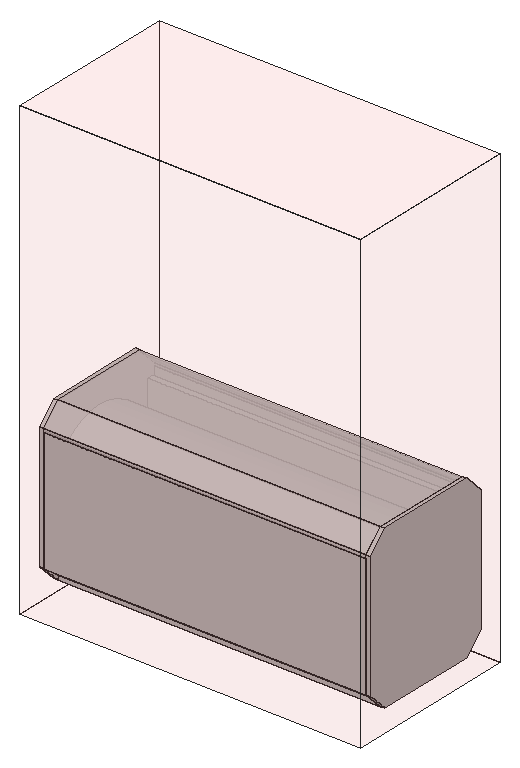
Revit family "Air-Curtain_Vestibule-Except_PoweredAire_ETA", category Mechanical Equipment, host Face, Revit 2018
Family settings
  Host = Face
  Round Connector Dimension = Use Diameter
  Part Type = Normal
  OmniClass Number = 23.75.35.17.21
  OmniClass Title = Air Curtains
  Cut with Voids When Loaded = No
  Shared = No
  Room Calculation Point = No
Parameters
  Warranty Duration (Years) = 0
  Unit Width Notes = "Other Widths available."  # constant formula
  Unit Width = 3' - 0"
  Unit Weight = 0
  Unit Height = 1' - 3"
  Unit Depth = 1' - 5 1/2"
  URL = "http://www.poweredaire.com/"
  Test Data = ""
  Standards Conformance = "as Specified"
  Specification = "http://www.arcat.com/sdspecs/htm04/23_34_33pai.htm"
  SpecWizard = ""
  Sound Pressure = "as Specified"
  Sales Information = "http://www.poweredaire.com/contact_us"
  Revision = "R1_2016-08"
  Projection from Host [instance] = 0' - 2"
  Product Properties = ""
  Product Data = "http://www.arcat.com/arcatcos/cos47/arc47623.html"
  Power Rating = 0 W
  Nozzle Width = if(1 = 1, Unit Width - 0' 1", 0' 0")  # 2' - 11"
  Mounting Width = if(1 = 1, Unit Width - 0' 0 15/16", 0' 0")  # 2' - 11 1/16"
  Mounting Height [instance] = 3' - 6"
  Motor RPM = 0
  Motor HP = 0
  Motor Count = 0
  Model = "As Specified"
  Max Height = 0' - 0"
  Manufacturer Website = "http://www.poweredaire.com/"
  Manufacturer Phone - Toll Free = "888-321-2473"
  Manufacturer Phone = "724-588-3305"
  Manufacturer Fax = "724-588-3371"
  Manufacturer Address = "109 Mortensen Rd.  Greenville, PA 16125"
  Manufacturer = "Powered Aire, Inc"
  Maintenance Schedule (Months) = 0
  Keynote = "23 34 33"
  Installation-Fabrication = ""
  Installation Phase = ""
  Include Clearance [instance] = yes
  Heating Element Load = 0 W
  HVAC_Temperature Rise = 0 °F
  HVAC_Outlet Volume = 0 CFM
  HVAC_Outlet Velocity Uniformity = 0
  HVAC_Outlet Velocity = 0 FPM
  Green Building-LEED = "http://www.arcat.com/green/clients/leed_data_47623.html"
  Front Grating Material [instance] = Metal - Steel - PoweredAire - Stainless 304 Perforated
  Frame Finish [instance] = Metal - Steel - PoweredAire - Stainless 304
  Expected Lifespan (Years) = 0
  Electrical_Wattage [instance] = Power Rating + Heating Element Load  # 0 W
  Electrical_Voltage [instance] = 0 V
  Electrical_Phase [instance] = 1
  Electrical_Frequency [instance] = 0 Hz
  Electrical_Amperage [instance] = 0 A
  Drawn By = "Sumex Design, Inc. / Robert S. Weygant, CSI, CDT, SCIP"
  Description = "Powered Aire Air Curtain as Specified"
  Default Elevation = 0' - 0"  # constant formula
  Copyright = "©Arcat Inc."
  Construction Details = "http://www.arcat.com/details/powair/prod3336.html"
  Clearance_Top [instance] = 0' - 2"
  Clearance_Side B [instance] = 0' - 0 1/2"
  Clearance_Side A [instance] = 0' - 0 1/2"
  Clearance_Intake [instance] = 2' - 6"
  Clearance_Bottom [instance] = 0' - 2"
  Clearance Material [instance] = ARCAT Clearance
  Building Codes = ""
  Available Options [instance] = "as Specified"
  Assembly Code = "D3090400"
Reference planes (in)
  plane 1 "Center (Elevation)": y = 0.13818
  plane 2: z = 0
  plane 3 "Center (Left/Right)": x = 0
  plane 4: y = 7.63818
  plane 5: y = -7.36182
  plane 6: x = -18
  plane 7: x = 18
  plane 8: z = 19.5
  plane 9 "FF": y = -41.86182
  plane 10: z = 2
  plane 11: x = 17.5
  plane 12: x = -17.5
  plane 13: y = 9.63818
  plane 14: y = -9.36182
  plane 15: x = -18.5
  plane 16: x = 18.5
  plane 17: z = 49.5
Forms (in)
  Extrusion 1, solid, material "Metal - Steel - PoweredAire - Stainless 304" <- "Frame Finish"
    sketch origin (0, 0, 0) x (0, 1, 0) y (0, 0, 1)
      loop
        line (5.69363, 2) -> (7.63818, 3.94454) -> (7.63818, 17.55546) -> (5.69363, 19.5) -> (-5.41728, 19.5) -> (-7.36182, 17.55546) -> (-7.36182, 3.94454) -> (-5.41728, 2) -> (5.69363, 2)
    from 17.5 to 18
  Extrusion 2, solid, material "Metal - Steel - PoweredAire - Stainless 304" <- "Frame Finish"
    sketch origin (0, 0, -0.5) x (0, 1, 0) y (0, 0, 1)
      loop
        circle (0.13818, 10.9739) r 6.25
      loop
        line (6.63818, 16.89427) -> (6.63818, 5.87829) -> (7.33849, 5.87829) -> (7.33849, 16.89427) -> (6.63818, 16.89427)
      loop
        line (-7.02798, 16.76927) -> (-7.02798, 5.75329) -> (-6.36182, 5.75329) -> (-6.36182, 16.76927) -> (-7.02798, 16.76927)
    from -17.5 to 17.5
  Extrusion 3, solid, material "Metal - Steel - PoweredAire - Stainless 304" <- "Frame Finish"
    sketch origin (0, 0, 0) x (0, 1, 0) y (0, 0, -1)
      loop
        line (5.69363, -2) -> (-5.41728, -2) -> (-7.36182, -3.94454) -> (-7.36182, -17.55546) -> (-5.41728, -19.5) -> (5.69363, -19.5) -> (7.63818, -17.55546) -> (7.63818, -3.94454) -> (5.69363, -2)
    from 17.5 to 18
  Extrusion 4, solid, material "Metal - Steel - PoweredAire - Stainless 304" <- "Frame Finish"
    sketch origin (0, 0, 0) x (0, 1, 0) y (0, 0, 1)
      loop
        line (-5.41728, 2) -> (5.69363, 2) -> (7.63818, 3.94454) -> (7.63818, 17.19454) -> (7.51318, 17.19454) -> (7.51318, 3.99632) -> (5.64186, 2.125) -> (-5.29228, 2.125) -> (-5.29228, 4.06954) -> (-7.23682, 4.06954) -> (-7.23682, 17.19454) -> (-7.36182, 17.19454) -> (-7.36182, 3.94454) -> (-5.41728, 3.94454) -> (-5.41728, 2)
      loop
        line (-6.64819, 3.61034) -> (-5.8702, 2.83235) -> (-5.74472, 2.95783) -> (-6.52271, 3.73583) -> (-6.64819, 3.61034)
    from -17.5 to 17.5
  Extrusion 5, solid, material "Metal - Steel - PoweredAire - Stainless 304 Perforated" <- "Front Grating Material"
    sketch origin (0, 0, 0) x (0, 1, 0) y (0, 0, 1)
      loop
        line (-7.36182, 17.19454) -> (-7.23682, 17.19454) -> (-7.23682, 17.50368) -> (-5.3655, 19.375) -> (5.64186, 19.375) -> (7.51318, 17.50368) -> (7.51318, 17.19454) -> (7.63818, 17.19454) -> (7.63818, 17.55546) -> (5.69363, 19.5) -> (-5.41728, 19.5) -> (-7.36182, 17.55546) -> (-7.36182, 17.19454)
    from -17.5 to 17.5
  Extrusion 6, solid, material "ARCAT Clearance" <- "Clearance Material", visible <- "Include Clearance"
    sketch origin (0, 0, 0) x (0, 1, 0) y (0, 0, 1)
      loop
        line (-9.36182, 49.5) -> (-9.36182, 0) -> (9.63818, 0) -> (9.63818, 49.5) -> (-9.36182, 49.5)
    from -18.5 to 18.5
Dimensions and locks (in)
  equal spacing: plane 4, plane 1 "Center (Elevation)", plane 5
  "Unit Height": plane 4 to plane 5
  equal spacing: plane 6, plane 3 "Center (Left/Right)", plane 7
  "Unit Width": plane 6 to plane 7
  "Mounting Height": plane 1 "Center (Elevation)" to plane 9 "FF"
  "Projection from Host": plane 10 to level
  "Unit Depth": plane 8 to plane 10
  locked: plane 6 to plane 12 at 0.5
  locked: plane 11 to plane 7 at 0.5
  "Clearance_Side A": plane 7 to plane 16
  "Clearance_Side B": plane 15 to plane 6
  "Clearance_Top": plane 13 to plane 4
  "Clearance_Bottom": plane 5 to plane 14
  "Clearance_Intake": plane 17 to plane 8
  aligned and locked: plane 2 to host face
  aligned and locked: level to host face
  aligned and locked: plane 7 to Extrusion 1
  aligned and locked: Extrusion 1 to plane 11
  aligned and locked: plane 12 to Extrusion 3
  aligned and locked: Extrusion 3 to plane 6
  aligned and locked: Extrusion 2 to plane 12
  aligned and locked: plane 11 to Extrusion 2
  aligned and locked: plane 11 to Extrusion 4
  aligned and locked: Extrusion 4 to plane 12
  aligned and locked: plane 11 to Extrusion 5
  aligned and locked: Extrusion 5 to plane 12
  aligned and locked: Extrusion 6 sketch curve to plane 17
  aligned and locked: plane 14 to Extrusion 6 sketch curve
  aligned and locked: level to Extrusion 6 sketch curve
  aligned and locked: Extrusion 6 sketch curve to plane 13
  aligned and locked: plane 16 to Extrusion 6
  aligned and locked: Extrusion 6 to plane 15
Automatic sketch dimensions
  host sketch curve to host sketch curve = 8' - 0"  (x2)
  Extrusion 1 sketch curve to plane 5 = 0' - 0"
  Extrusion 1 sketch curve to plane 8 = 0' - 0"
  Extrusion 1 sketch curve to plane 10 = 0' - 0"
  Extrusion 1 sketch curve to plane 4 = 0' - 0"
  plane 5 to Extrusion 1 sketch curve = 0' - 1.94454"  (x2)
  Extrusion 1 sketch curve to plane 4 = 0' - 1.94454"  (x2)
  plane 10 to Extrusion 1 sketch curve = 0' - 1.94454"  (x2)
  Extrusion 1 sketch curve to plane 8 = 0' - 1.94454"  (x2)
  Extrusion 2 sketch curve to plane 1 "Center (Elevation)" = 0' - 0"
  plane 5 to Extrusion 2 sketch curve = 0' - 1"
  plane 5 to Extrusion 2 sketch curve = 0' - 0.33384"
  Extrusion 2 sketch curve to plane 4 = 0' - 1"
  Extrusion 2 sketch curve to plane 4 = 0' - 0.29969"
  plane 10 to Extrusion 2 sketch curve = 0' - 3.37829"
  plane 10 to Extrusion 2 sketch curve = 0' - 3.25329"
  Extrusion 2 sketch curve to plane 8 = 0' - 9.0261"
  Extrusion 2 sketch curve to plane 8 = 0' - 3.23073"
  Extrusion 2 sketch curve to plane 8 = 0' - 3.10573"
  Extrusion 3 sketch curve to plane 5 = 0' - 0"
  Extrusion 3 sketch curve to plane 8 = 0' - 0"
  Extrusion 3 sketch curve to plane 10 = 0' - 0"
  Extrusion 3 sketch curve to plane 4 = 0' - 0"
  plane 5 to Extrusion 3 sketch curve = 0' - 1.94454"  (x2)
  Extrusion 3 sketch curve to plane 4 = 0' - 1.94454"  (x2)
  Extrusion 3 sketch curve to plane 8 = 0' - 1.94454"  (x2)
  plane 10 to Extrusion 3 sketch curve = 0' - 1.94454"  (x2)
  Extrusion 4 sketch curve to plane 5 = 0' - 0"
  Extrusion 4 sketch curve to plane 10 = 0' - 0"
  Extrusion 4 sketch curve to plane 4 = 0' - 0"
  plane 5 to Extrusion 4 sketch curve = 0' - 0 1/8"
  plane 5 to Extrusion 4 sketch curve = 0' - 0.71363"
  Extrusion 4 sketch curve to Extrusion 4 sketch curve = 0' - 0.12548"  (x2)
  Extrusion 4 sketch curve to Extrusion 4 sketch curve = 0' - 0.778"
  Extrusion 4 sketch curve to Extrusion 4 sketch curve = 0' - 0.32744"
  Extrusion 4 sketch curve to Extrusion 4 sketch curve = 0' - 0 1/8"  (x2)
  plane 10 to Extrusion 4 sketch curve = 0' - 0 1/8"
  Extrusion 4 sketch curve to plane 4 = 0' - 1.99632"
  Extrusion 4 sketch curve to Extrusion 4 sketch curve = 0' - 0.05178"  (x2)
  plane 10 to Extrusion 4 sketch curve = 0' - 0.83235"
  plane 10 to Extrusion 4 sketch curve = 0' - 1.94454"
  Extrusion 4 sketch curve to Extrusion 4 sketch curve = 0' - 0.3342"
  Extrusion 4 sketch curve to plane 4 = 0' - 0 1/8"
  Extrusion 4 sketch curve to plane 8 = 0' - 2.30546"  (x2)
  Extrusion 5 sketch curve to plane 5 = 0' - 0"
  Extrusion 5 sketch curve to plane 8 = 0' - 0"
  Extrusion 5 sketch curve to plane 4 = 0' - 0"
  plane 5 to Extrusion 5 sketch curve = 0' - 0 1/8"
  plane 5 to Extrusion 5 sketch curve = 0' - 1.94454"
  Extrusion 5 sketch curve to plane 8 = 0' - 0 1/8"
  Extrusion 5 sketch curve to Extrusion 5 sketch curve = 0' - 0.05178"  (x4)
  Extrusion 5 sketch curve to plane 4 = 0' - 1.99632"
  Extrusion 5 sketch curve to plane 8 = 0' - 1.94454"  (x2)
  Extrusion 5 sketch curve to Extrusion 5 sketch curve = 0' - 0 1/8"
  Extrusion 5 sketch curve to Extrusion 5 sketch curve = 0' - 0.30914"  (x2)
  radius of Extrusion 2 sketch curve = 0' - 6 1/4"
Connectors (in)
  electrical at (0, 7.63818, 10.56954), driven by "Electrical_Phase", driven by "Electrical_Voltage"
    settings: on Extrusion 4, index 1, voltage 0 V, apparent load 0 VA, apparent load phase1 0 VA, apparent load phase2 0 VA, apparent load phase3 0 VA, power factor 1, load classification "Motor", number of poles 1, system type 31, power factor state 1, is connector primary yes, connector utility no, sub classification motor no, connector description ""
